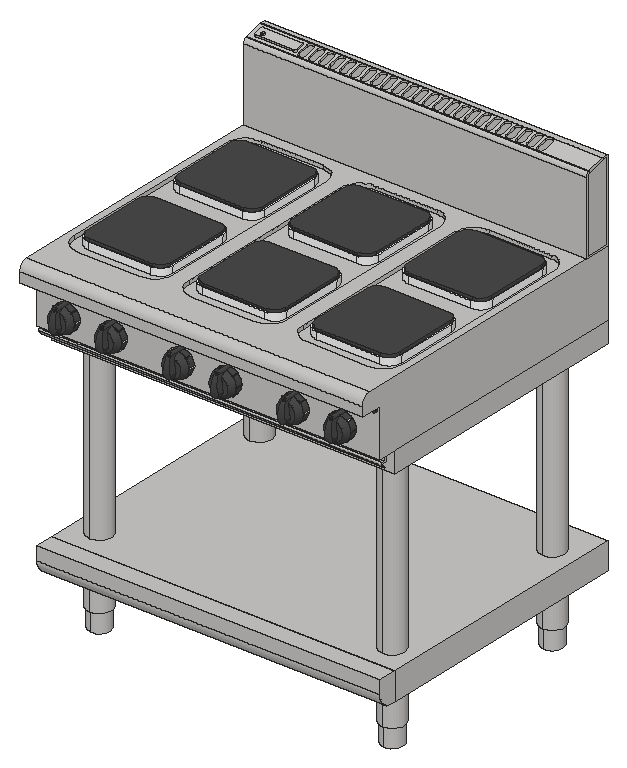
Revit family "QF_Moffat_RN8600SE-LS_Electric_Cooktops_Sealed_Hobs_cat", category Specialty Equipment, Revit 2019
Family settings
  Round Connector Dimension = Use Diameter
  Part Type = Normal
  Work Plane-Based = No
  Always vertical = Yes
  Cut with Voids When Loaded = No
  Shared = No
  Room Calculation Point = No
Parameters (values of type "QF_Moffat_RN8600SE-LS")
  Weight in Kilograms = 90
  Watts = 396 W
  Volts = 220 V
  URL Cutsheet = ""
  Specification by User = ""
  Specification by Manufacturer = ""
  Show Low Back [instance] = no
  Show Logo [instance] = yes
  Show High Back [instance] = not(Show Low Back)  # yes
  Serial Number = ""
  Seismic Rating = ""
  SMACNA No = ""
  Revision Code = ""
  Phase = 1
  Number of Poles = 1
  NAFEM Spec ID Number = ""
  Model = "RN8600SE-LS"
  Min Ckt Ampacity = 0 A
  Max Overcurrent Protection = 0 A
  Masterspec = ""
  Manufacturer = "Moffat"
  Length = 900 mm
  Item Number = ""
  Installed By = ""
  Identify Quantity as Lot = yes
  Height = 1130 mm
  HP = ""
  Furnished By = ""
  Foodservice Equipment Identifier = yes
  FL Amps = 1.8 A
  Electrical Remarks = ""
  Electric Connection Type = ""
  Elec Conn RI Height = 0 mm
  Elec Conn Connection Height = 0 mm
  Description = "Electric Cooktops Sealed Hobs"
  Depth = 805 mm
  Cycle = 50 Hz
  Conn Plug = ""
  Conn Conduit = yes
  CSI MasterFormat = ""
  Apparent Power = if(Phase = 3, Volts * FL Amps * 1.73, Volts * FL Amps)  # 396 VA
Reference planes
  plane 1 "BACK": y = 0
  plane 2: z = 0
  plane 3 "LEFT": x = 0
  plane 4 "RIGHT": x = 900
  plane 5 "FRONT": y = -805
  plane 6 "TOP": z = 1130
  plane 7 "Center Y": x = 450
  plane 8 "Center X": y = -402.5
Dimensions and locks
  equal spacing: plane 3 "LEFT", plane 7 "Center Y", plane 4 "RIGHT"
  "Length": plane 3 "LEFT" to plane 4 "RIGHT"
  equal spacing: plane 5 "FRONT", plane 8 "Center X", plane 1 "BACK"
  "Depth": plane 5 "FRONT" to plane 1 "BACK"
  "Height": plane 6 "TOP" to level
  aligned and locked: level to plane 2
Nested families
  nested 1: "RN8600SE-LS" at (0, 0, 0), type "E516S-LS"
  nested 2: "High and Low Option" at (0, 0, 0), High Back <- "Show High Back", Low Back <- "Show Low Back", Show Logo <- "Show Logo", type "RNLB8610SE"
    with Show Logo 2 yes, Show Logo 1 no, Show Logo yes, Low Back no, High Back yes
Connectors
  electrical at (770, -30, 675)
    settings: on nested 1, index 1, voltage 0 V, apparent load 0 VA, apparent load phase1 0 VA, apparent load phase2 0 VA, apparent load phase3 0 VA, power factor 1, load classification "Other", number of poles 1, system type 30, power factor state 1, is connector primary yes, connector utility no, sub classification motor no, connector description ""
Definition of nested family "RN8600SE-LS"
  Parameters (values of type "E516S-LS")
    Weight in Kilograms = 135
    Watts = Volts * FL Amps  # 8800 W
    Volts = 400 V
    URL Cutsheet = ""
    Specification by User = ""
    Specification by Manufacturer = ""
    Serial Number = ""
    Seismic Rating = ""
    SMACNA No = ""
    Revision Code = ""
    Phase = 3
    Number of Poles = 1
    NAFEM Spec ID Number = ""
    Model = "RN8600SE-LS"
    Min Ckt Ampacity = 0 A
    Max Overcurrent Protection = 0 A
    Masterspec = ""
    Manufacturer = "Moffat"
    Length = 900 mm
    Item Number = ""
    Installed By = ""
    Identify Quantity as Lot = yes
    Height = 915 mm
    HP = ""
    Furnished By = ""
    Foodservice Equipment Identifier = yes
    FL Amps = 22 A
    Electrical Remarks = ""
    Electric Connection Type = ""
    Elec Conn RI Height = 0 mm
    Elec Conn Connection Height = 0 mm
    Description = "Electric Cooktops Sealed Hobs"
    Depth = 805 mm
    Cycle = 50 Hz
    Conn Plug = ""
    Conn Conduit = yes
    CSI MasterFormat = ""
    Apparent Power = if(Phase = 3, Volts * FL Amps * 1.73, Volts * FL Amps)  # 15224 VA
  Reference planes
    plane 1 "BACK": y = 0
    plane 2: z = 0
    plane 3 "LEFT": x = 0
    plane 4 "RIGHT": x = 900
    plane 5 "FRONT": y = -805
    plane 6 "TOP": z = 915
    plane 7 "Center Y": x = 450
    plane 8 "Center X": y = -402.5
    plane 9: x = 65.5
    plane 10: x = 87.5
    plane 11: x = 211.766
    plane 12: y = -30
    plane 13: x = 770
    plane 14: x = 512.5
    plane 15: x = 388.234
    plane 16: x = 834.5
    plane 17: y = -100
    plane 18: y = -625
    plane 19: x = 812.5
    plane 20: x = 688.234
  Forms (mm)
    Extrusion 1, solid
      sketch origin (0, 0, 600) x (0, 1, 0) y (0, 0, 1)
        loop
          line (0, 140) -> (0, 315) -> (-781, 315)
          arc (-781, 315) -> (-797.971, 307.971) -> (-805, 291) r 24
          line (-805, 291) -> (-805, 266) -> (-749, 266) -> (-749, 140) -> (0, 140)
      from 0 to 900
    Extrusion 2, void
      sketch origin (0, -773.8, 915) x (0, 1, 0) y (-1, 0, 0)
        loop
          arc (673.6, -69) -> (658.955, -33.645) -> (623.6, -19) r 50
          line (623.6, -19) -> (123.399, -19)
          arc (123.399, -19) -> (88.044, -33.645) -> (73.399, -69) r 50
          line (73.399, -69) -> (73.399, -231)
          arc (73.399, -231) -> (88.044, -266.355) -> (123.399, -281) r 50
          line (123.399, -281) -> (623.6, -281)
          arc (623.6, -281) -> (658.955, -266.355) -> (673.6, -231) r 50
          line (673.6, -231) -> (673.6, -69)
        loop
          line (673.6, -831) -> (673.6, -669)
          arc (673.6, -669) -> (658.955, -633.645) -> (623.6, -619) r 50
          line (623.6, -619) -> (123.399, -619)
          arc (123.399, -619) -> (88.044, -633.645) -> (73.399, -669) r 50
          line (73.399, -669) -> (73.399, -831)
          arc (73.399, -831) -> (88.044, -866.355) -> (123.399, -881) r 50
          line (123.399, -881) -> (623.6, -881)
          arc (623.6, -881) -> (658.955, -866.355) -> (673.6, -831) r 50
        loop
          line (73.399, -369) -> (73.399, -531)
          arc (73.399, -531) -> (88.044, -566.355) -> (123.399, -581) r 50
          line (123.399, -581) -> (623.6, -581)
          arc (623.6, -581) -> (658.955, -566.355) -> (673.6, -531) r 50
          line (673.6, -531) -> (673.6, -369)
          arc (673.6, -369) -> (658.955, -333.645) -> (623.6, -319) r 50
          line (623.6, -319) -> (123.399, -319)
          arc (123.399, -319) -> (88.044, -333.645) -> (73.399, -369) r 50
      from 0 to -9.5
    Extrusion 3, solid
      sketch origin (0, -773.8, 905.5) x (0, 1, 0) y (-1, 0, 0)
        loop
          arc (637.6, -68) -> (628.227, -45.373) -> (605.6, -36) r 32
          line (605.6, -36) -> (441.399, -36)
          arc (441.399, -36) -> (418.772, -45.373) -> (409.399, -68) r 32
          line (409.399, -68) -> (409.399, -232)
          arc (409.399, -232) -> (418.772, -254.627) -> (441.399, -264) r 32
          line (441.399, -264) -> (605.6, -264)
          arc (605.6, -264) -> (628.227, -254.627) -> (637.6, -232) r 32
          line (637.6, -232) -> (637.6, -68)
        loop
          arc (337.399, -68) -> (328.027, -45.373) -> (305.399, -36) r 32
          line (305.399, -36) -> (141.399, -36)
          arc (141.399, -36) -> (118.772, -45.373) -> (109.399, -68) r 32
          line (109.399, -68) -> (109.399, -232)
          arc (109.399, -232) -> (118.772, -254.627) -> (141.399, -264) r 32
          line (141.399, -264) -> (305.399, -264)
          arc (305.399, -264) -> (328.027, -254.627) -> (337.399, -232) r 32
          line (337.399, -232) -> (337.399, -68)
        loop
          arc (637.6, -368) -> (628.227, -345.373) -> (605.6, -336) r 32
          line (605.6, -336) -> (441.399, -336)
          arc (441.399, -336) -> (418.772, -345.373) -> (409.399, -368) r 32
          line (409.399, -368) -> (409.399, -532)
          arc (409.399, -532) -> (418.772, -554.627) -> (441.399, -564) r 32
          line (441.399, -564) -> (605.6, -564)
          arc (605.6, -564) -> (628.227, -554.627) -> (637.6, -532) r 32
          line (637.6, -532) -> (637.6, -368)
        loop
          arc (409.399, -832) -> (418.772, -854.627) -> (441.399, -864) r 32
          line (441.399, -864) -> (605.6, -864)
          arc (605.6, -864) -> (628.227, -854.627) -> (637.6, -832) r 32
          line (637.6, -832) -> (637.6, -668)
          arc (637.6, -668) -> (628.227, -645.373) -> (605.6, -636) r 32
          line (605.6, -636) -> (441.399, -636)
          arc (441.399, -636) -> (418.772, -645.373) -> (409.399, -668) r 32
          line (409.399, -668) -> (409.399, -832)
        loop
          arc (337.399, -368) -> (328.027, -345.373) -> (305.399, -336) r 32
          line (305.399, -336) -> (141.399, -336)
          arc (141.399, -336) -> (118.772, -345.373) -> (109.399, -368) r 32
          line (109.399, -368) -> (109.399, -532)
          arc (109.399, -532) -> (118.772, -554.627) -> (141.399, -564) r 32
          line (141.399, -564) -> (305.399, -564)
          arc (305.399, -564) -> (328.027, -554.627) -> (337.399, -532) r 32
          line (337.399, -532) -> (337.399, -368)
        loop
          arc (109.399, -832) -> (118.772, -854.627) -> (141.399, -864) r 32
          line (141.399, -864) -> (305.399, -864)
          arc (305.399, -864) -> (328.027, -854.627) -> (337.399, -832) r 32
          line (337.399, -832) -> (337.399, -668)
          arc (337.399, -668) -> (328.027, -645.373) -> (305.399, -636) r 32
          line (305.399, -636) -> (141.399, -636)
          arc (141.399, -636) -> (118.772, -645.373) -> (109.399, -668) r 32
          line (109.399, -668) -> (109.399, -832)
      from 0 to 17.8
    Extrusion 4, solid
      sketch origin (0, -773.8, 923.3) x (0, 1, 0) y (-1, 0, 0)
        loop
          arc (633.6, -67) -> (625.692, -47.908) -> (606.6, -40) r 27
          line (606.6, -40) -> (440.399, -40)
          arc (440.399, -40) -> (421.308, -47.908) -> (413.399, -67) r 27
          line (413.399, -67) -> (413.399, -233)
          arc (413.399, -233) -> (421.308, -252.092) -> (440.399, -260) r 27
          line (440.399, -260) -> (606.6, -260)
          arc (606.6, -260) -> (625.692, -252.092) -> (633.6, -233) r 27
          line (633.6, -233) -> (633.6, -67)
        loop
          arc (333.399, -67) -> (325.491, -47.908) -> (306.399, -40) r 27
          line (306.399, -40) -> (140.399, -40)
          arc (140.399, -40) -> (121.308, -47.908) -> (113.399, -67) r 27
          line (113.399, -67) -> (113.399, -233)
          arc (113.399, -233) -> (121.308, -252.092) -> (140.399, -260) r 27
          line (140.399, -260) -> (306.399, -260)
          arc (306.399, -260) -> (325.491, -252.092) -> (333.399, -233) r 27
          line (333.399, -233) -> (333.399, -67)
        loop
          line (633.6, -833) -> (633.6, -667)
          arc (633.6, -667) -> (625.692, -647.908) -> (606.6, -640) r 27
          line (606.6, -640) -> (440.399, -640)
          arc (440.399, -640) -> (421.308, -647.908) -> (413.399, -667) r 27
          line (413.399, -667) -> (413.399, -833)
          arc (413.399, -833) -> (421.308, -852.092) -> (440.399, -860) r 27
          line (440.399, -860) -> (606.6, -860)
          arc (606.6, -860) -> (625.692, -852.092) -> (633.6, -833) r 27
        loop
          line (413.399, -367) -> (413.399, -533)
          arc (413.399, -533) -> (421.308, -552.092) -> (440.399, -560) r 27
          line (440.399, -560) -> (606.6, -560)
          arc (606.6, -560) -> (625.692, -552.092) -> (633.6, -533) r 27
          line (633.6, -533) -> (633.6, -367)
          arc (633.6, -367) -> (625.692, -347.908) -> (606.6, -340) r 27
          line (606.6, -340) -> (440.399, -340)
          arc (440.399, -340) -> (421.308, -347.908) -> (413.399, -367) r 27
        loop
          line (333.399, -833) -> (333.399, -667)
          arc (333.399, -667) -> (325.491, -647.908) -> (306.399, -640) r 27
          line (306.399, -640) -> (140.399, -640)
          arc (140.399, -640) -> (121.308, -647.908) -> (113.399, -667) r 27
          line (113.399, -667) -> (113.399, -833)
          arc (113.399, -833) -> (121.308, -852.092) -> (140.399, -860) r 27
          line (140.399, -860) -> (306.399, -860)
          arc (306.399, -860) -> (325.491, -852.092) -> (333.399, -833) r 27
        loop
          line (113.399, -367) -> (113.399, -533)
          arc (113.399, -533) -> (121.308, -552.092) -> (140.399, -560) r 27
          line (140.399, -560) -> (306.399, -560)
          arc (306.399, -560) -> (325.491, -552.092) -> (333.399, -533) r 27
          line (333.399, -533) -> (333.399, -367)
          arc (333.399, -367) -> (325.491, -347.908) -> (306.399, -340) r 27
          line (306.399, -340) -> (140.399, -340)
          arc (140.399, -340) -> (121.308, -347.908) -> (113.399, -367) r 27
      from 0 to 6.1
    Extrusion 5, solid
      sketch origin (0, 0, 600) x (0, 1, 0) y (0, 0, 1)
        loop
          line (-699, 85) -> (0, 85) -> (0, 140) -> (-699, 140) -> (-699, 85)
      from 0 to 900
    Extrusion 6, solid
      sketch origin (0, 0, 600) x (0, 1, 0) y (0, 0, 1)
        loop
          line (-730.6, 140) -> (-730.6, 130) -> (-740.105, 130)
          arc (-740.105, 130) -> (-743.076, 128.015) -> (-742.379, 124.511) r 3.215
          line (-742.379, 124.511) -> (-731.85, 113.982) -> (-730.719, 115.113) -> (-741.247, 125.642)
          arc (-741.247, 125.642) -> (-741.597, 127.403) -> (-740.105, 128.4) r 1.615
          line (-740.105, 128.4) -> (-729, 128.4) -> (-729, 140) -> (-730.6, 140)
      from 0 to 900
    Extrusion 7, solid
      sketch origin (450, 175.397, 1819.2) x (0, 1, 0) y (0, 0, 1)
        loop
          line (-874.397, -1109.2) -> (-889.234, -1109.2)
          arc (-889.234, -1109.2) -> (-890.834, -1110.8) -> (-889.234, -1112.4) r 1.6
          line (-889.234, -1112.4) -> (-874.397, -1112.4) -> (-874.397, -1109.2)
      from -400 to 400
    Extrusion 8, solid
      sketch origin (0, -749, 711.25) x (0, 0, 1) y (-1, 0, 0)
        loop
          circle (129.8, -732.5) r 7.15
        loop
          circle (129.8, -857.5) r 7.15
        loop
          circle (129.8, -431.766) r 7.15
        loop
          circle (129.8, -556.766) r 7.15
        loop
          circle (129.8, -131.031) r 7.15
        loop
          circle (129.8, -256.031) r 7.15
      from 0 to 1.6
    Extrusion 9, solid
      sketch origin (0, -749, 711.25) x (0, 0, 1) y (-1, 0, 0)
        loop
          circle (142.343, -13.157) r 5
        loop
          circle (142.343, -886.843) r 5
      from 0 to 1.6
    Extrusion 10, solid
      sketch origin (-6096, 287.266, 675) x (0, 1, 0) y (-1, 0, 0)
        loop
          circle (-317.266, -6866) r 6.35
      from 10 to 0
    Extrusion 11, solid
      sketch origin (0, 0, 0) x (0, 1, 0) y (0, 0, 1)
        loop
          line (-749, 222.5) -> (-749, 188)
          arc (-749, 188) -> (-737.87, 161.13) -> (-711, 150) r 38
          line (-711, 150) -> (-699, 150) -> (-699, 222.5) -> (-749, 222.5)
      from 0 to 900
    Revolve 12, solid
      sketch origin (65.5, -4572, -304.8) x (0, 0, -1) y (0, -1, 0)
        loop
          line (-304.8, -3947) -> (-989.8, -3947) -> (-989.8, -3978.75) -> (-354.8, -3978.75) -> (-354.8, -3974.5) -> (-304.8, -3974.5) -> (-304.8, -3947)
        axis (-989.8, -3947) -> (-304.8, -3947)
      angle from 0 to 360
    Revolve 13, solid
      sketch origin (834.5, -4572, -304.8) x (0, 0, -1) y (0, 1, 0)
        loop
          line (-304.8, 3947) -> (-304.8, 3974.5) -> (-354.8, 3974.5) -> (-354.8, 3978.75) -> (-989.8, 3978.75) -> (-989.8, 3947) -> (-304.8, 3947)
        axis (-989.8, 3947) -> (-304.8, 3947)
      angle from 0 to 360
    Extrusion 14, solid
      sketch origin (0, 0, 0) x (0, 1, 0) y (0, 0, 1)
        loop
          line (-699, 222.5) -> (-699, 150) -> (0, 150) -> (0, 222.5) -> (-699, 222.5)
      from 0 to 900
    Revolve 15, solid
      sketch origin (834.5, 3847, -304.8) x (0, 0, -1) y (0, 1, 0)
        loop
          line (-304.8, -3947) -> (-989.8, -3947) -> (-989.8, -3978.75) -> (-354.8, -3978.75) -> (-354.8, -3974.5) -> (-304.8, -3974.5) -> (-304.8, -3947)
        axis (-989.8, -3947) -> (-304.8, -3947)
      angle from 0 to 360
    Revolve 16, solid
      sketch origin (65.5, 3847, -304.8) x (0, 0, -1) y (0, -1, 0)
        loop
          line (-304.8, 3947) -> (-304.8, 3974.5) -> (-354.8, 3974.5) -> (-354.8, 3978.75) -> (-989.8, 3978.75) -> (-989.8, 3947) -> (-304.8, 3947)
        axis (-989.8, 3947) -> (-304.8, 3947)
      angle from 0 to 360
  Cuts and joins
    Extrusion 2 cuts Extrusion 1
    joined: Extrusion 5, Extrusion 11
    joined: Revolve 12, Revolve 13, Extrusion 14, Revolve 15, Revolve 16
  Lines and regions (mm)
    symbolic lines
      curve 1: line (0, 0, 0) -> (900, 0, 0)
      curve 2: line (0, -805, 0) -> (0, 0, 0)
      curve 3: line (900, -805, 0) -> (0, -805, 0)
      curve 4: line (900, 0, 0) -> (900, -805, 0)
      curve 5: arc (19, -150.2, 0) -> (33.645, -114.845, 0) -> (69, -100.2, 0) r 50
      curve 6: line (69, -100.2, 0) -> (231, -100.2, 0)
      curve 7: arc (231, -100.2, 0) -> (266.355, -114.845, 0) -> (281, -150.2, 0) r 50
      curve 8: line (281, -150.2, 0) -> (281, -650.401, 0)
      curve 9: arc (281, -650.401, 0) -> (266.355, -685.756, 0) -> (231, -700.401, 0) r 50
      curve 10: line (231, -700.401, 0) -> (69, -700.401, 0)
      curve 11: arc (69, -700.401, 0) -> (33.645, -685.756, 0) -> (19, -650.401, 0) r 50
      curve 12: line (19, -650.401, 0) -> (19, -150.2, 0)
      curve 13: line (232, -136.2, 0) -> (68, -136.2, 0)
      curve 14: arc (68, -136.2, 0) -> (45.373, -145.573, 0) -> (36, -168.2, 0) r 32
      curve 15: line (36, -168.2, 0) -> (36, -332.401, 0)
      curve 16: arc (36, -332.401, 0) -> (45.373, -355.028, 0) -> (68, -364.401, 0) r 32
      curve 17: line (68, -364.401, 0) -> (232, -364.401, 0)
      curve 18: arc (232, -364.401, 0) -> (254.627, -355.028, 0) -> (264, -332.401, 0) r 32
      curve 19: line (264, -332.401, 0) -> (264, -168.2, 0)
      curve 20: arc (264, -168.2, 0) -> (254.627, -145.573, 0) -> (232, -136.2, 0) r 32
      curve 21: line (233, -140.2, 0) -> (67, -140.2, 0)
      curve 22: arc (67, -140.2, 0) -> (47.908, -148.108, 0) -> (40, -167.2, 0) r 27
      curve 23: line (40, -167.2, 0) -> (40, -333.401, 0)
      curve 24: arc (40, -333.401, 0) -> (47.908, -352.492, 0) -> (67, -360.401, 0) r 27
      curve 25: line (67, -360.401, 0) -> (233, -360.401, 0)
      curve 26: arc (233, -360.401, 0) -> (252.092, -352.492, 0) -> (260, -333.401, 0) r 27
      curve 27: line (260, -333.401, 0) -> (260, -167.2, 0)
      curve 28: arc (260, -167.2, 0) -> (252.092, -148.108, 0) -> (233, -140.2, 0) r 27
      curve 29: line (232, -436.401, 0) -> (68, -436.401, 0)
      curve 30: arc (68, -436.401, 0) -> (45.373, -445.773, 0) -> (36, -468.401, 0) r 32
      curve 31: line (36, -468.401, 0) -> (36, -632.401, 0)
      curve 32: arc (36, -632.401, 0) -> (45.373, -655.028, 0) -> (68, -664.401, 0) r 32
      curve 33: line (68, -664.401, 0) -> (232, -664.401, 0)
      curve 34: arc (232, -664.401, 0) -> (254.627, -655.028, 0) -> (264, -632.401, 0) r 32
      curve 35: line (264, -632.401, 0) -> (264, -468.401, 0)
      curve 36: arc (264, -468.401, 0) -> (254.627, -445.773, 0) -> (232, -436.401, 0) r 32
      curve 37: line (233, -440.401, 0) -> (67, -440.401, 0)
      curve 38: arc (67, -440.401, 0) -> (47.908, -448.309, 0) -> (40, -467.401, 0) r 27
      curve 39: line (40, -467.401, 0) -> (40, -633.401, 0)
      curve 40: arc (40, -633.401, 0) -> (47.908, -652.492, 0) -> (67, -660.401, 0) r 27
      curve 41: line (67, -660.401, 0) -> (233, -660.401, 0)
      curve 42: arc (233, -660.401, 0) -> (252.092, -652.492, 0) -> (260, -633.401, 0) r 27
      curve 43: line (260, -633.401, 0) -> (260, -467.401, 0)
      curve 44: arc (260, -467.401, 0) -> (252.092, -448.309, 0) -> (233, -440.401, 0) r 27
      curve 45: arc (367, -440.401, 0) -> (347.908, -448.309, 0) -> (340, -467.401, 0) r 27
      curve 46: line (340, -467.401, 0) -> (340, -633.401, 0)
      curve 47: arc (340, -633.401, 0) -> (347.908, -652.492, 0) -> (367, -660.401, 0) r 27
      curve 48: line (367, -660.401, 0) -> (533, -660.401, 0)
      curve 49: arc (533, -660.401, 0) -> (552.092, -652.492, 0) -> (560, -633.401, 0) r 27
      curve 50: line (560, -633.401, 0) -> (560, -467.401, 0)
      curve 51: arc (560, -467.401, 0) -> (552.092, -448.309, 0) -> (533, -440.401, 0) r 27
      curve 52: line (533, -440.401, 0) -> (367, -440.401, 0)
      curve 53: arc (368, -436.401, 0) -> (345.373, -445.773, 0) -> (336, -468.401, 0) r 32
      curve 54: line (336, -468.401, 0) -> (336, -632.401, 0)
      curve 55: arc (336, -632.401, 0) -> (345.373, -655.028, 0) -> (368, -664.401, 0) r 32
      curve 56: line (368, -664.401, 0) -> (532, -664.401, 0)
      curve 57: arc (532, -664.401, 0) -> (554.627, -655.028, 0) -> (564, -632.401, 0) r 32
      curve 58: line (564, -632.401, 0) -> (564, -468.401, 0)
      curve 59: arc (564, -468.401, 0) -> (554.627, -445.773, 0) -> (532, -436.401, 0) r 32
      curve 60: line (532, -436.401, 0) -> (368, -436.401, 0)
      curve 61: line (319, -650.401, 0) -> (319, -150.2, 0)
      curve 62: arc (319, -150.2, 0) -> (333.645, -114.845, 0) -> (369, -100.2, 0) r 50
      curve 63: line (369, -100.2, 0) -> (531, -100.2, 0)
      curve 64: arc (531, -100.2, 0) -> (566.355, -114.845, 0) -> (581, -150.2, 0) r 50
      curve 65: line (581, -150.2, 0) -> (581, -650.401, 0)
      curve 66: arc (581, -650.401, 0) -> (566.355, -685.756, 0) -> (531, -700.401, 0) r 50
      curve 67: line (531, -700.401, 0) -> (369, -700.401, 0)
      curve 68: arc (369, -700.401, 0) -> (333.645, -685.756, 0) -> (319, -650.401, 0) r 50
      curve 69: arc (368, -136.2, 0) -> (345.373, -145.573, 0) -> (336, -168.2, 0) r 32
      curve 70: line (336, -168.2, 0) -> (336, -332.401, 0)
      curve 71: arc (336, -332.401, 0) -> (345.373, -355.028, 0) -> (368, -364.401, 0) r 32
      curve 72: line (368, -364.401, 0) -> (532, -364.401, 0)
      curve 73: arc (532, -364.401, 0) -> (554.627, -355.028, 0) -> (564, -332.401, 0) r 32
      curve 74: line (564, -332.401, 0) -> (564, -168.2, 0)
      curve 75: arc (564, -168.2, 0) -> (554.627, -145.573, 0) -> (532, -136.2, 0) r 32
      curve 76: line (532, -136.2, 0) -> (368, -136.2, 0)
      curve 77: arc (367, -140.2, 0) -> (347.908, -148.108, 0) -> (340, -167.2, 0) r 27
      curve 78: line (340, -167.2, 0) -> (340, -333.401, 0)
      curve 79: arc (340, -333.401, 0) -> (347.908, -352.492, 0) -> (367, -360.401, 0) r 27
      curve 80: line (367, -360.401, 0) -> (533, -360.401, 0)
      curve 81: arc (533, -360.401, 0) -> (552.092, -352.492, 0) -> (560, -333.401, 0) r 27
      curve 82: line (560, -333.401, 0) -> (560, -167.2, 0)
      curve 83: arc (560, -167.2, 0) -> (552.092, -148.108, 0) -> (533, -140.2, 0) r 27
      curve 84: line (533, -140.2, 0) -> (367, -140.2, 0)
      curve 85: line (619, -650.401, 0) -> (619, -150.2, 0)
      curve 86: arc (619, -150.2, 0) -> (633.645, -114.845, 0) -> (669, -100.2, 0) r 50
      curve 87: line (669, -100.2, 0) -> (831, -100.2, 0)
      curve 88: arc (831, -100.2, 0) -> (866.355, -114.845, 0) -> (881, -150.2, 0) r 50
      curve 89: line (881, -150.2, 0) -> (881, -650.401, 0)
      curve 90: line (831, -700.401, 0) -> (669, -700.401, 0)
      curve 91: arc (669, -700.401, 0) -> (633.645, -685.756, 0) -> (619, -650.401, 0) r 50
      curve 92: arc (636, -632.401, 0) -> (645.373, -655.028, 0) -> (668, -664.401, 0) r 32
      curve 93: line (668, -664.401, 0) -> (832, -664.401, 0)
      curve 94: arc (832, -664.401, 0) -> (854.627, -655.028, 0) -> (864, -632.401, 0) r 32
      curve 95: line (864, -632.401, 0) -> (864, -468.401, 0)
      curve 96: arc (864, -468.401, 0) -> (854.627, -445.773, 0) -> (832, -436.401, 0) r 32
      curve 97: line (832, -436.401, 0) -> (668, -436.401, 0)
      curve 98: arc (668, -436.401, 0) -> (645.373, -445.773, 0) -> (636, -468.401, 0) r 32
      curve 99: line (636, -468.401, 0) -> (636, -632.401, 0)
      curve 100: arc (640, -633.401, 0) -> (647.908, -652.492, 0) -> (667, -660.401, 0) r 27
      curve 101: line (667, -660.401, 0) -> (833, -660.401, 0)
      curve 102: arc (833, -660.401, 0) -> (852.092, -652.492, 0) -> (860, -633.401, 0) r 27
      curve 103: line (860, -633.401, 0) -> (860, -467.401, 0)
      curve 104: arc (860, -467.401, 0) -> (852.092, -448.309, 0) -> (833, -440.401, 0) r 27
      curve 105: line (833, -440.401, 0) -> (667, -440.401, 0)
      curve 106: arc (667, -440.401, 0) -> (647.908, -448.309, 0) -> (640, -467.401, 0) r 27
      curve 107: line (640, -467.401, 0) -> (640, -633.401, 0)
      curve 108: line (832, -136.2, 0) -> (668, -136.2, 0)
      curve 109: arc (668, -136.2, 0) -> (645.373, -145.573, 0) -> (636, -168.2, 0) r 32
      curve 110: line (636, -168.2, 0) -> (636, -332.401, 0)
      curve 111: arc (636, -332.401, 0) -> (645.373, -355.028, 0) -> (668, -364.401, 0) r 32
      curve 112: line (668, -364.401, 0) -> (832, -364.401, 0)
      curve 113: arc (832, -364.401, 0) -> (854.627, -355.028, 0) -> (864, -332.401, 0) r 32
      curve 114: line (864, -332.401, 0) -> (864, -168.2, 0)
      curve 115: arc (864, -168.2, 0) -> (854.627, -145.573, 0) -> (832, -136.2, 0) r 32
      curve 116: line (833, -140.2, 0) -> (667, -140.2, 0)
      curve 117: arc (667, -140.2, 0) -> (647.908, -148.108, 0) -> (640, -167.2, 0) r 27
      curve 118: line (640, -167.2, 0) -> (640, -333.401, 0)
      curve 119: arc (640, -333.401, 0) -> (647.908, -352.492, 0) -> (667, -360.401, 0) r 27
      curve 120: line (667, -360.401, 0) -> (833, -360.401, 0)
      curve 121: arc (833, -360.401, 0) -> (852.092, -352.492, 0) -> (860, -333.401, 0) r 27
      curve 122: line (860, -333.401, 0) -> (860, -167.2, 0)
      curve 123: arc (860, -167.2, 0) -> (852.092, -148.108, 0) -> (833, -140.2, 0) r 27
      curve 124: arc (831, -700.401, 0) -> (866.355, -685.756, 0) -> (881, -650.401, 0) r 50
  Dimensions and locks
    equal spacing: plane 3 "LEFT", plane 7 "Center Y", plane 4 "RIGHT"
    "Length": plane 3 "LEFT" to plane 4 "RIGHT"
    equal spacing: plane 5 "FRONT", plane 8 "Center X", plane 1 "BACK"
    "Depth": plane 5 "FRONT" to plane 1 "BACK"
    plane 4 "RIGHT" to plane 3 "LEFT" = 900 mm
    plane 1 "BACK" to plane 5 "FRONT" = 805 mm
    plane 6 "TOP" to plane 2 = 915 mm
    cut or joined group of Extrusion 1, Extrusion 2 to plane 2 = 915 mm
    locked: plane 13 to plane 4 "RIGHT" at 130
    plane 9 to plane 16 = 769 mm
    plane 1 "BACK" to plane 17 = 100 mm
    plane 17 to plane 18 = 525 mm
    plane 1 "BACK" to plane 12 = 30 mm
    plane 5 "FRONT" to plane 1 "BACK" = 805 mm
    "Height": plane 6 "TOP" to level
    aligned and locked: level to plane 2
  Automatic sketch dimensions
    Extrusion 1 sketch curve to plane 5 "FRONT" = 0 mm
    Extrusion 1 sketch curve to plane 5 "FRONT" = 24 mm
    Extrusion 1 sketch curve to Extrusion 1 sketch curve = 32 mm
    Extrusion 1 sketch curve to Extrusion 1 sketch curve = 25 mm
    Extrusion 2 sketch curve to Extrusion 1 = 80.599 mm  (x3)
    Extrusion 2 sketch curve to Extrusion 2 sketch curve = 50 mm  (x7)
    Extrusion 2 sketch curve to Extrusion 2 sketch curve = 0 mm  (x4)
    Extrusion 1 to Extrusion 2 sketch curve = 19 mm  (x2)
    Extrusion 2 sketch curve to Extrusion 2 sketch curve = 162 mm  (x2)
    Extrusion 2 sketch curve to Extrusion 2 sketch curve = 38 mm  (x2)
    Extrusion 3 sketch curve to Extrusion 2 = 36 mm  (x3)
    Extrusion 3 sketch curve to Extrusion 3 sketch curve = 32 mm  (x17)
    Extrusion 3 sketch curve to Extrusion 2 = 17 mm  (x9)
    Extrusion 3 sketch curve to Extrusion 2 = 49 mm  (x5)
    Extrusion 3 sketch curve to Extrusion 3 sketch curve = 164 mm  (x3)
    Extrusion 3 sketch curve to Extrusion 3 sketch curve = 0 mm  (x2)
    Extrusion 3 sketch curve to Extrusion 3 sketch curve = 72 mm  (x3)
    Extrusion 3 sketch curve to Extrusion 2 = 68 mm  (x6)
    Extrusion 4 sketch curve to Extrusion 3 = 4 mm  (x22)
    Extrusion 4 sketch curve to Extrusion 3 = 31 mm  (x22)
    Extrusion 4 sketch curve to Extrusion 4 sketch curve = 27 mm  (x4)
    Extrusion 5 sketch curve to plane 1 "BACK" = 0 mm
    plane 18 to Extrusion 5 sketch curve = 74 mm
    Extrusion 5 sketch curve to Extrusion 5 sketch curve = 55 mm
    Extrusion 6 sketch curve to Extrusion 6 sketch curve = 0 mm  (x3)
    Extrusion 6 sketch curve to plane 5 "FRONT" = 62.621 mm
    Extrusion 6 sketch curve to Extrusion 6 sketch curve = 1.131 mm  (x3)
    Extrusion 6 sketch curve to Extrusion 6 sketch curve = 1.142 mm  (x2)
    Extrusion 6 sketch curve to Extrusion 6 sketch curve = 10.529 mm
    Extrusion 6 sketch curve to Extrusion 6 sketch curve = 9.505 mm
    Extrusion 6 sketch curve to Extrusion 6 sketch curve = 1.6 mm
    Extrusion 6 sketch curve to Extrusion 6 sketch curve = 10 mm
    plane 18 to Extrusion 7 sketch curve = 88.837 mm
    Extrusion 7 sketch curve to Extrusion 7 sketch curve = 14.837 mm
    Extrusion 7 sketch curve to Extrusion 7 sketch curve = 1.6 mm
    Extrusion 8 sketch curve to Extrusion 1 = 24.95 mm  (x6)
    Extrusion 1 to Extrusion 8 sketch curve = 42.5 mm
    Extrusion 8 sketch curve to Extrusion 8 sketch curve = 125 mm  (x3)
    Extrusion 8 sketch curve to Extrusion 8 sketch curve = 175.734 mm  (x2)
    Extrusion 9 sketch curve to Extrusion 1 = 12.407 mm  (x2)
    Extrusion 1 to Extrusion 9 sketch curve = 13.157 mm  (x2)
    plane 12 to Extrusion 10 sketch curve = 0 mm
    Extrusion 10 sketch curve to plane 13 = 0 mm
    Extrusion 11 sketch curve to plane 5 "FRONT" = 56 mm
    Extrusion 11 sketch curve to Extrusion 11 sketch curve = 12 mm
    Extrusion 11 sketch curve to Extrusion 11 sketch curve = 34.5 mm
    Revolve 12 sketch curve to plane 18 = 0 mm  (x2)
    Revolve 12 sketch curve to level = 0 mm  (x2)
    Revolve 12 sketch curve to Revolve 12 sketch curve = 50 mm
    Revolve 12 sketch curve to plane 18 = 27.5 mm
    Revolve 12 sketch curve to Revolve 12 sketch curve = 31.75 mm
    Revolve 12 sketch curve to Revolve 12 sketch curve = 35 mm
    Revolve 13 sketch curve to plane 18 = 0 mm  (x2)
    Revolve 13 sketch curve to level = 0 mm  (x2)
    level to Revolve 13 sketch curve = 50 mm
    Revolve 13 sketch curve to Revolve 13 sketch curve = 27.5 mm
    Revolve 13 sketch curve to Revolve 13 sketch curve = 31.75 mm
    Revolve 13 sketch curve to Revolve 13 sketch curve = 35 mm
    Extrusion 14 sketch curve to plane 1 "BACK" = 0 mm
    plane 18 to Extrusion 14 sketch curve = 74 mm
    Extrusion 14 sketch curve to Extrusion 14 sketch curve = 72.5 mm
    Revolve 15 sketch curve to plane 17 = 0 mm  (x2)
    Revolve 15 sketch curve to level = 0 mm  (x2)
    Revolve 15 sketch curve to Revolve 15 sketch curve = 50 mm
    plane 17 to Revolve 15 sketch curve = 27.5 mm
    Revolve 15 sketch curve to Revolve 15 sketch curve = 31.75 mm
    Revolve 15 sketch curve to level = 35 mm
    Revolve 16 sketch curve to plane 17 = 0 mm  (x2)
    Revolve 16 sketch curve to level = 0 mm  (x2)
    Revolve 16 sketch curve to Revolve 16 sketch curve = 50 mm
    Revolve 16 sketch curve to Revolve 16 sketch curve = 27.5 mm
    Revolve 16 sketch curve to Revolve 16 sketch curve = 31.75 mm
    Revolve 16 sketch curve to level = 35 mm
    plane 1 "BACK" to curve 1 = 0 mm
    curve 1 to plane 3 "LEFT" = 0 mm
    curve 4 to plane 4 "RIGHT" = 0 mm
    plane 5 "FRONT" to curve 3 = 0 mm
    plane 3 "LEFT" to curve 12 = 19 mm
    curve 12 to curve 15 = 17 mm
    plane 9 to curve 31 = 29.5 mm
    curve 31 to curve 39 = 4 mm
    curve 15 to curve 23 = 4 mm
    curve 24 to plane 9 = 1.5 mm
    curve 22 to plane 9 = 1.5 mm
    curve 40 to plane 9 = 1.5 mm
    curve 38 to plane 9 = 1.5 mm
    curve 22 to curve 14 = 1 mm
    curve 24 to curve 16 = 1 mm
    curve 33 to plane 9 = 2.5 mm
    curve 38 to curve 30 = 1 mm
    curve 5 to plane 9 = 3.5 mm
    curve 10 to plane 9 = 3.5 mm
    plane 11 to curve 7 = 19.234 mm
    plane 11 to curve 10 = 19.234 mm
    plane 11 to curve 36 = 20.234 mm
    curve 9 to curve 34 = 1 mm
    plane 11 to curve 17 = 20.234 mm
    curve 7 to curve 13 = 1 mm
    curve 33 to curve 41 = 1 mm
    curve 20 to curve 21 = 1 mm
    curve 36 to curve 44 = 1 mm  (x2)
    curve 17 to curve 25 = 1 mm
    curve 26 to curve 27 = 27 mm
    curve 44 to curve 43 = 27 mm
    curve 43 to curve 35 = 4 mm
    curve 26 to curve 19 = 4 mm
    curve 19 to curve 8 = 17 mm
    curve 8 to curve 61 = 38 mm
    curve 62 to curve 70 = 17 mm
    plane 15 to curve 54 = 52.234 mm
    curve 53 to curve 46 = 4 mm
    curve 69 to curve 78 = 4 mm
    plane 18 to curve 47 = 8.401 mm
    plane 15 to curve 47 = 21.234 mm
    plane 15 to curve 80 = 21.234 mm
    plane 15 to curve 77 = 21.234 mm
    plane 15 to curve 52 = 21.234 mm
    curve 47 to curve 55 = 1 mm
    curve 45 to curve 53 = 1 mm
    curve 77 to curve 76 = 1 mm
    curve 79 to curve 72 = 1 mm
    curve 48 to curve 68 = 2 mm
    plane 17 to curve 63 = 0.2 mm
    plane 15 to curve 63 = 19.234 mm
    plane 14 to curve 67 = 18.5 mm
    plane 14 to curve 63 = 18.5 mm
    plane 14 to curve 72 = 19.5 mm
    curve 66 to curve 56 = 1 mm
    curve 64 to curve 76 = 1 mm
    plane 14 to curve 59 = 19.5 mm
    curve 59 to curve 52 = 1 mm
    curve 73 to curve 80 = 1 mm
    curve 75 to curve 83 = 1 mm
    curve 57 to curve 49 = 1 mm
    curve 51 to curve 50 = 27 mm
    curve 83 to curve 82 = 27 mm
    curve 83 to curve 74 = 4 mm
    curve 50 to curve 58 = 4 mm
    curve 57 to curve 65 = 17 mm
    curve 64 to curve 85 = 38 mm
    plane 20 to curve 99 = 52.234 mm
    plane 20 to curve 110 = 52.234 mm
    curve 99 to curve 107 = 4 mm
    curve 110 to curve 118 = 4 mm
    plane 20 to curve 119 = 21.234 mm
    plane 20 to curve 117 = 21.234 mm
    plane 20 to curve 106 = 21.234 mm
    plane 20 to curve 101 = 21.234 mm
    curve 101 to curve 93 = 1 mm
    curve 119 to curve 112 = 1 mm
    curve 117 to curve 108 = 1 mm
    curve 106 to curve 97 = 1 mm
    plane 20 to curve 90 = 19.234 mm
    curve 116 to curve 86 = 2 mm
    plane 17 to curve 87 = 0.2 mm
    curve 87 to plane 16 = 3.5 mm
    curve 115 to plane 16 = 2.5 mm
    curve 112 to plane 16 = 2.5 mm
    curve 93 to plane 16 = 2.5 mm
    curve 97 to plane 16 = 2.5 mm
    curve 96 to curve 104 = 1 mm
    curve 116 to plane 16 = 1.5 mm
    curve 94 to curve 102 = 1 mm
    curve 113 to curve 121 = 1 mm
    plane 16 to curve 122 = 25.5 mm
    plane 16 to curve 103 = 25.5 mm
    curve 103 to curve 95 = 4 mm
    curve 121 to curve 114 = 4 mm
    plane 4 "RIGHT" to curve 89 = 19 mm
    plane 18 to curve 90 = 75.401 mm
    plane 18 to curve 10 = 75.401 mm
    curve 67 to curve 47 = 40 mm
    curve 56 to curve 48 = 4 mm
    curve 33 to curve 11 = 14 mm
    curve 33 to curve 41 = 4 mm
    curve 93 to curve 101 = 4 mm
    curve 36 to plane 8 "Center X" = 65.901 mm
    curve 53 to plane 8 "Center X" = 65.901 mm
    curve 99 to plane 8 "Center X" = 65.901 mm
    curve 53 to curve 45 = 1 mm
    curve 98 to curve 106 = 1 mm
    plane 8 "Center X" to curve 112 = 38.099 mm
    plane 8 "Center X" to curve 17 = 38.099 mm
    plane 8 "Center X" to curve 72 = 38.099 mm
    curve 112 to curve 120 = 4 mm
    curve 71 to curve 80 = 4 mm
    curve 17 to curve 25 = 4 mm
    plane 17 to curve 14 = 68.2 mm
    curve 69 to curve 62 = 18 mm
    curve 110 to curve 86 = 18 mm
    curve 69 to curve 77 = 1 mm
    curve 110 to curve 118 = 1 mm
    curve 14 to curve 22 = 1 mm
    curve 7 to curve 28 = 10 mm
    curve 90 to plane 16 = 3.5 mm
    curve 89 to curve 94 = 18 mm
    Extrusion 1 sketch curve to plane 1 "BACK" = 0 mm
    Extrusion 1 to Extrusion 2 sketch curve = 150.2 mm  (x4)
    Extrusion 1 sketch curve to Extrusion 1 sketch curve = 126 mm
    Extrusion 1 sketch curve to plane 6 "TOP" = 0 mm
    Extrusion 5 sketch curve to plane 6 "TOP" = 230 mm
    Extrusion 6 sketch curve to plane 6 "TOP" = 201.018 mm
    Extrusion 7 sketch curve to plane 6 "TOP" = 208.2 mm
    Revolve 12 sketch curve to plane 6 "TOP" = 230 mm
    Revolve 13 sketch curve to plane 6 "TOP" = 230 mm
    Revolve 15 sketch curve to plane 6 "TOP" = 230 mm
    Revolve 16 sketch curve to plane 6 "TOP" = 230 mm
    Extrusion 11 sketch curve to Extrusion 11 sketch curve = 38 mm
    level to Extrusion 11 sketch curve = 150 mm
    level to Extrusion 14 sketch curve = 150 mm
    radius of Extrusion 8 sketch curve = 7.15 mm  (x6)
    radius of Extrusion 9 sketch curve = 5 mm  (x2)
    radius of Extrusion 10 sketch curve = 6.35 mm
  Nested families
    nested 1: "Knob" at (55.003, -749, 764.5), type "Knob"
    nested 2: "Knob" at (179.269, -749, 764.5), type "Knob"
    nested 3: "Knob" at (355.738, -749, 764.5), type "Knob"
    nested 4: "Knob" at (480.003, -749, 764.5), type "Knob"
    nested 5: "Knob" at (656.472, -749, 764.5), type "Knob"
    nested 6: "Knob" at (780.738, -749, 764.5), type "Knob"
  Definition of nested family "Knob"
    Parameters (values of type "Knob")
      Weight in Pounds = 0
      URL Cutsheet = ""
      Specification by User = ""
      Specification by Manufacturer = ""
      Serial Number = ""
      Seismic Rating = ""
      SMACNA No = ""
      Revision Code = ""
      NAFEM Spec ID Number = ""
      Masterspec = ""
      Length = 65 mm
      Item Number = ""
      Installed By = ""
      Identify Quantity as Lot = yes
      Height = 69.5 mm
      Furnished By = ""
      Foodservice Equipment Identifier = yes
      Depth = 59 mm
      CSI MasterFormat = ""
    Reference planes
      plane 1 "BACK": y = 0
      plane 2: z = 0
      plane 3 "LEFT": x = 0
      plane 4 "RIGHT": x = 65
      plane 5 "FRONT": y = -59
      plane 6 "TOP": z = 69.5
      plane 7 "Center Y": x = 32.5
      plane 8 "Center X": y = -29.5
    Forms (mm)
      Revolve 1, solid
        sketch origin (32.5, 175.397, 1219.2) x (0, 1, 0) y (0, 0, 1)
          loop
            line (-175.397, -1186.7) -> (-219.397, -1186.7) -> (-219.397, -1211.501) -> (-202.106, -1219.2) -> (-185.397, -1219.2) -> (-185.397, -1191.7) -> (-175.397, -1191.7) -> (-175.397, -1186.7)
          axis (-219.397, -1186.7) -> (-175.397, -1186.7)
        angle from 0 to 360
      Extrusion 2, solid
        sketch origin (32.5, 175.397, 1219.2) x (0, 1, 0) y (0, 0, 1)
          loop
            line (-202.106, -1154.2) -> (-185.397, -1154.2) -> (-185.397, -1149.7) -> (-224.105, -1149.7)
            arc (-224.105, -1149.7) -> (-233.965, -1178.467) -> (-230.696, -1208.7) r 70
            line (-230.696, -1208.7) -> (-219.397, -1208.7) -> (-219.397, -1161.899) -> (-202.106, -1154.2)
        from -15 to 15
      Extrusion 3, void
        sketch origin (0, 0, 0) x (1, 0, 0) y (0, 0, 1)
          loop
            line (27.501, 64.613) -> (22.02, 20.585)
            arc (22.02, 20.585) -> (32.792, 10.488) -> (42.986, 21.169) r 10.487
            line (42.986, 21.169) -> (37.499, 64.613)
            arc (37.499, 64.613) -> (32.5, 69.5) -> (27.501, 64.613) r 5
          loop
            line (10, 72.977) -> (10, 5.625) -> (55, 5.625) -> (55, 72.977) -> (10, 72.977)
        from 6.142 to 69.687
      Extrusion 4, solid
        sketch origin (0, -34.115, -16.916) x (1, 0, 0) y (0, 0.45399, 0.891007)
          loop
            circle (32.497, 65) r 2
        from 51.525 to 53.075
      Extrusion 5, solid
        sketch origin (32.5, -10, 32.5) x (0, 0, -1) y (-1, 0, 0)
          loop
            line (-23.54, -22.408) -> (-24.106, -22.974)
            arc (-24.106, -22.974) -> (-23.547, -23.547) -> (-22.974, -24.106) r 33.3
            line (-22.974, -24.106) -> (-22.408, -23.54)
            arc (-22.408, -23.54) -> (-22.981, -22.981) -> (-23.54, -22.408) r 32.5
          loop
            arc (-0.8, -33.29) -> (0, -33.3) -> (0.8, -33.29) r 33.3
            line (0.8, -33.29) -> (0.8, -32.49)
            arc (0.8, -32.49) -> (0, -32.5) -> (-0.8, -32.49) r 32.5
            line (-0.8, -32.49) -> (-0.8, -33.29)
          loop
            arc (23.54, -22.408) -> (22.981, -22.981) -> (22.408, -23.54) r 32.5
            line (22.408, -23.54) -> (22.974, -24.106)
            arc (22.974, -24.106) -> (23.547, -23.547) -> (24.106, -22.974) r 33.3
            line (24.106, -22.974) -> (23.54, -22.408)
          loop
            arc (-23.54, 22.408) -> (-22.981, 22.981) -> (-22.408, 23.54) r 32.5
            line (-22.408, 23.54) -> (-22.974, 24.106)
            arc (-22.974, 24.106) -> (-23.547, 23.547) -> (-24.106, 22.974) r 33.3
            line (-24.106, 22.974) -> (-23.54, 22.408)
          loop
            line (-0.8, 33.29) -> (-0.8, 32.49)
            arc (-0.8, 32.49) -> (0, 32.5) -> (0.8, 32.49) r 32.5
            line (0.8, 32.49) -> (0.8, 33.29)
            arc (0.8, 33.29) -> (0, 33.3) -> (-0.8, 33.29) r 33.3
          loop
            line (32.49, -0.8) -> (33.29, -0.8)
            arc (33.29, -0.8) -> (33.3, 0) -> (33.29, 0.8) r 33.3
            line (33.29, 0.8) -> (32.49, 0.8)
            arc (32.49, 0.8) -> (32.5, 0) -> (32.49, -0.8) r 32.5
          loop
            arc (24.106, 22.974) -> (23.547, 23.547) -> (22.974, 24.106) r 33.3
            line (22.974, 24.106) -> (22.408, 23.54)
            arc (22.408, 23.54) -> (22.981, 22.981) -> (23.54, 22.408) r 32.5
            line (23.54, 22.408) -> (24.106, 22.974)
        from 0 to -16.709
    Cuts and joins
      Extrusion 3 cuts Extrusion 2
    Dimensions and locks
      equal spacing: plane 3 "LEFT", plane 7 "Center Y", plane 4 "RIGHT"
      "Length": plane 3 "LEFT" to plane 4 "RIGHT"
      equal spacing: plane 5 "FRONT", plane 8 "Center X", plane 1 "BACK"
      "Depth": plane 5 "FRONT" to plane 1 "BACK"
      "Height": plane 6 "TOP" to level
      plane 4 "RIGHT" to plane 3 "LEFT" = 65 mm
      aligned and locked: level to plane 2
    Automatic sketch dimensions
      Revolve 1 sketch curve to level = 0 mm
      Revolve 1 sketch curve to plane 1 "BACK" = 0 mm  (x2)
      plane 1 "BACK" to Revolve 1 sketch curve = 10 mm
      plane 8 "Center X" to Revolve 1 sketch curve = 2.791 mm
      Revolve 1 sketch curve to plane 8 "Center X" = 14.5 mm
      level to Revolve 1 sketch curve = 7.699 mm
      level to Revolve 1 sketch curve = 27.5 mm
      Revolve 1 sketch curve to Revolve 1 sketch curve = 5 mm
      Revolve 1 sketch curve to Revolve 1 sketch curve = 35 mm
      Revolve 1 sketch curve to Revolve 1 sketch curve = 0 mm
      Extrusion 2 sketch curve to plane 6 "TOP" = 0 mm
      Extrusion 2 sketch curve to plane 5 "FRONT" = 3.702 mm
      Extrusion 2 sketch curve to plane 5 "FRONT" = 10.293 mm
      Extrusion 2 sketch curve to Extrusion 2 sketch curve = 11.298 mm
      plane 8 "Center X" to Extrusion 2 sketch curve = 2.791 mm
      plane 1 "BACK" to Extrusion 2 sketch curve = 10 mm
      Extrusion 2 sketch curve to plane 1 "BACK" = 11 mm
      Extrusion 2 sketch curve to plane 6 "TOP" = 4.5 mm
      Extrusion 2 sketch curve to plane 6 "TOP" = 12.199 mm
      level to Extrusion 2 sketch curve = 32.962 mm
      level to Extrusion 3 sketch curve = 5.625 mm
      Extrusion 3 sketch curve to plane 7 "Center Y" = 0 mm  (x2)
      Extrusion 3 sketch curve to plane 7 "Center Y" = 4.999 mm
      Extrusion 3 sketch curve to plane 7 "Center Y" = 10.48 mm
      plane 6 "TOP" to Extrusion 3 sketch curve = 3.477 mm
      plane 3 "LEFT" to Extrusion 3 sketch curve = 10 mm
      Extrusion 3 sketch curve to plane 6 "TOP" = 4.887 mm
      Extrusion 3 sketch curve to Extrusion 3 sketch curve = 4.999 mm
      plane 7 "Center Y" to Extrusion 3 sketch curve = 10.486 mm
      level to Extrusion 3 sketch curve = 20.585 mm
      Extrusion 3 sketch curve to Extrusion 3 sketch curve = 0.387 mm
      Extrusion 3 sketch curve to Extrusion 3 sketch curve = 0.113 mm
      plane 4 "RIGHT" to Extrusion 3 sketch curve = 10 mm
      Extrusion 5 sketch curve to Revolve 1 = 32.49 mm
      Revolve 1 to Extrusion 5 sketch curve = 32.49 mm
      Extrusion 5 sketch curve to Revolve 1 = 23.54 mm  (x2)
      Revolve 1 to Extrusion 5 sketch curve = 23.54 mm  (x2)
      Extrusion 5 sketch curve to Revolve 1 = 24.106 mm  (x2)
      Revolve 1 to Extrusion 5 sketch curve = 24.106 mm  (x2)
      Revolve 1 to Extrusion 5 sketch curve = 22.408 mm  (x2)
      Extrusion 5 sketch curve to Revolve 1 = 22.408 mm  (x2)
      Revolve 1 to Extrusion 5 sketch curve = 22.974 mm  (x2)
      Extrusion 5 sketch curve to Revolve 1 = 22.974 mm  (x2)
      Extrusion 5 sketch curve to Extrusion 5 sketch curve = 1.6 mm  (x2)
      Revolve 1 to Extrusion 5 sketch curve = 0.8 mm
      Extrusion 5 sketch curve to Revolve 1 = 0.8 mm
      Extrusion 4 sketch curve to plane 7 "Center Y" = 0.003 mm
      radius of Extrusion 5 sketch curve to Revolve 1 = 0 mm  (x7)
      radius of Revolve 1 to Extrusion 5 sketch curve = 0.8 mm  (x7)
      radius of Extrusion 4 sketch curve = 2 mm
Definition of nested family "High and Low Option"
  Parameters (values of type "RNLB8610SE")
    Weight in Kilograms = 0
    Watts = Volts * FL Amps  # 12400 W
    Volts = 400 V
    URL Cutsheet = ""
    Specification by User = ""
    Specification by Manufacturer = ""
    Show Logo 2 [instance] = and(Show Logo, High Back)  # yes
    Show Logo 1 [instance] = and(Show Logo, Low Back)  # yes
    Show Logo [instance] = yes
    Serial Number = ""
    Seismic Rating = ""
    SMACNA No = ""
    Revision Code = ""
    Phase = 3
    Number of Poles = 1
    NAFEM Spec ID Number = ""
    Model = ""
    Min Ckt Ampacity = 0 A
    Max Overcurrent Protection = 0 A
    Masterspec = ""
    Manufacturer = ""
    Low Back [instance] = yes
    Length = 900 mm
    Item Number = ""
    Installed By = ""
    Identify Quantity as Lot = yes
    High Back [instance] = yes
    Height = 970 mm
    HP = ""
    Furnished By = ""
    Foodservice Equipment Identifier = yes
    FL Amps = 31 A
    Electrical Remarks = ""
    Electric Connection Type = ""
    Elec Conn RI Height = 0 mm
    Elec Conn Connection Height = 0 mm
    Description = ""
    Depth = 805 mm
    Cycle = 50 Hz
    Conn Plug = ""
    Conn Conduit = yes
    CSI MasterFormat = ""
    Apparent Power = if(Phase = 3, Volts * FL Amps * 1.73, Volts * FL Amps)  # 21452 VA
  Reference planes
    plane 1 "BACK": y = 0
    plane 2: z = 0
    plane 3 "LEFT": x = 0
    plane 4 "RIGHT": x = 900
    plane 5 "FRONT": y = -805
    plane 6 "TOP": z = 970
    plane 7 "Center Y": x = 450
    plane 8 "Center X": y = -402.5
    plane 9: x = 65.5
    plane 10: x = 834.5
    plane 11: z = 150
    plane 12: z = 675
    plane 13: z = 1130
    plane 14: z = 934.75
  Forms (mm)
    Extrusion 1, solid, visible <- "Low Back"
      sketch origin (0, 0, 600) x (0, 1, 0) y (0, 0, 1)
        loop
          line (-70, 315) -> (0, 315) -> (0, 370) -> (-55, 370) -> (-70, 355) -> (-70, 315)
      from 0 to 900
    Extrusion 2, solid, visible <- "High Back"
      sketch origin (0, 0, 0) x (0, 1, 0) y (0, 0, 1)
        loop
          line (-70, 915) -> (0, 915) -> (0, 1130) -> (-15, 1130) -> (-14.143, 1126.8) -> (-3.2, 1126.8) -> (-3.2, 918.2) -> (-66.8, 918.2) -> (-66.8, 1105.938)
          arc (-66.8, 1105.938) -> (-64.972, 1111.307) -> (-60.248, 1114.446) r 8.8
          line (-60.248, 1114.446) -> (-61.106, 1117.646)
          arc (-61.106, 1117.646) -> (-67.52, 1113.36) -> (-70, 1106.055) r 12
          line (-70, 1106.055) -> (-70, 915)
      from 0 to 900
    Extrusion 3, solid, visible <- "High Back"
      sketch origin (0, 0, 0) x (0, 1, 0) y (0, 0, 1)
        loop
          line (-3.2, 1126.8) -> (-14.143, 1126.8) -> (-60.278, 1114.438)
          arc (-60.278, 1114.438) -> (-64.982, 1111.295) -> (-66.8, 1105.938) r 8.8
          line (-66.8, 1105.938) -> (-66.8, 918.2) -> (-3.2, 918.2) -> (-3.2, 1126.8)
      from 0 to 3.2
    Extrusion 4, solid, visible <- "High Back"
      sketch origin (900, 0, 0) x (0, 1, 0) y (0, 0, -1)
        loop
          line (-3.2, -1126.8) -> (-3.2, -918.2) -> (-66.8, -918.2) -> (-66.8, -1105.992)
          arc (-66.8, -1105.992) -> (-64.996, -1111.306) -> (-60.33, -1114.424) r 8.729
          line (-60.33, -1114.424) -> (-14.143, -1126.8) -> (-3.2, -1126.8)
      from 0 to 3.2
    Extrusion 5, solid, visible <- "High Back"
      sketch origin (0, -15, 1130) x (0, -0.965926, -0.258819) y (1, 0, 0)
        loop
          line (47.732, 900) -> (0, 900) -> (0, 0) -> (47.732, 0) -> (47.732, 900)
        loop
          arc (11.379, 149.307) -> (1.379, 139.307) -> (11.379, 129.307) r 10
          line (11.379, 129.307) -> (36.495, 129.307)
          arc (36.495, 129.307) -> (46.495, 139.307) -> (36.495, 149.307) r 10
          line (36.495, 149.307) -> (11.379, 149.307)
        loop
          arc (11.379, 176.588) -> (1.379, 166.588) -> (11.379, 156.588) r 10
          line (11.379, 156.588) -> (36.495, 156.588)
          arc (36.495, 156.588) -> (46.495, 166.588) -> (36.495, 176.588) r 10
          line (36.495, 176.588) -> (11.379, 176.588)
        loop
          arc (11.379, 203.868) -> (1.379, 193.868) -> (11.379, 183.868) r 10
          line (11.379, 183.868) -> (36.495, 183.868)
          arc (36.495, 183.868) -> (46.495, 193.868) -> (36.495, 203.868) r 10
          line (36.495, 203.868) -> (11.379, 203.868)
        loop
          arc (11.379, 231.148) -> (1.379, 221.148) -> (11.379, 211.148) r 10
          line (11.379, 211.148) -> (36.495, 211.148)
          arc (36.495, 211.148) -> (46.495, 221.148) -> (36.495, 231.148) r 10
          line (36.495, 231.148) -> (11.379, 231.148)
        loop
          arc (11.379, 258.428) -> (1.379, 248.428) -> (11.379, 238.428) r 10
          line (11.379, 238.428) -> (36.495, 238.428)
          arc (36.495, 238.428) -> (46.495, 248.428) -> (36.495, 258.428) r 10
          line (36.495, 258.428) -> (11.379, 258.428)
        loop
          arc (11.379, 285.709) -> (1.379, 275.709) -> (11.379, 265.709) r 10
          line (11.379, 265.709) -> (36.495, 265.709)
          arc (36.495, 265.709) -> (46.495, 275.709) -> (36.495, 285.709) r 10
          line (36.495, 285.709) -> (11.379, 285.709)
        loop
          arc (11.379, 312.989) -> (1.379, 302.989) -> (11.379, 292.989) r 10
          line (11.379, 292.989) -> (36.495, 292.989)
          arc (36.495, 292.989) -> (46.495, 302.989) -> (36.495, 312.989) r 10
          line (36.495, 312.989) -> (11.379, 312.989)
        loop
          arc (11.379, 340.269) -> (1.379, 330.269) -> (11.379, 320.269) r 10
          line (11.379, 320.269) -> (36.495, 320.269)
          arc (36.495, 320.269) -> (46.495, 330.269) -> (36.495, 340.269) r 10
          line (36.495, 340.269) -> (11.379, 340.269)
        loop
          arc (11.379, 367.549) -> (1.379, 357.549) -> (11.379, 347.549) r 10
          line (11.379, 347.549) -> (36.495, 347.549)
          arc (36.495, 347.549) -> (46.495, 357.549) -> (36.495, 367.549) r 10
          line (36.495, 367.549) -> (11.379, 367.549)
        loop
          arc (11.379, 394.829) -> (1.379, 384.829) -> (11.379, 374.829) r 10
          line (11.379, 374.829) -> (36.495, 374.829)
          arc (36.495, 374.829) -> (46.495, 384.829) -> (36.495, 394.829) r 10
          line (36.495, 394.829) -> (11.379, 394.829)
        loop
          arc (11.379, 422.11) -> (1.379, 412.11) -> (11.379, 402.11) r 10
          line (11.379, 402.11) -> (36.495, 402.11)
          arc (36.495, 402.11) -> (46.495, 412.11) -> (36.495, 422.11) r 10
          line (36.495, 422.11) -> (11.379, 422.11)
        loop
          arc (11.379, 449.39) -> (1.379, 439.39) -> (11.379, 429.39) r 10
          line (11.379, 429.39) -> (36.495, 429.39)
          arc (36.495, 429.39) -> (46.495, 439.39) -> (36.495, 449.39) r 10
          line (36.495, 449.39) -> (11.379, 449.39)
        loop
          arc (11.379, 476.67) -> (1.379, 466.67) -> (11.379, 456.67) r 10
          line (11.379, 456.67) -> (36.495, 456.67)
          arc (36.495, 456.67) -> (46.495, 466.67) -> (36.495, 476.67) r 10
          line (36.495, 476.67) -> (11.379, 476.67)
        loop
          arc (11.379, 503.95) -> (1.379, 493.95) -> (11.379, 483.95) r 10
          line (11.379, 483.95) -> (36.495, 483.95)
          arc (36.495, 483.95) -> (46.495, 493.95) -> (36.495, 503.95) r 10
          line (36.495, 503.95) -> (11.379, 503.95)
        loop
          arc (11.379, 531.23) -> (1.379, 521.23) -> (11.379, 511.23) r 10
          line (11.379, 511.23) -> (36.495, 511.23)
          arc (36.495, 511.23) -> (46.495, 521.23) -> (36.495, 531.23) r 10
          line (36.495, 531.23) -> (11.379, 531.23)
        loop
          arc (11.379, 558.511) -> (1.379, 548.511) -> (11.379, 538.511) r 10
          line (11.379, 538.511) -> (36.495, 538.511)
          arc (36.495, 538.511) -> (46.495, 548.511) -> (36.495, 558.511) r 10
          line (36.495, 558.511) -> (11.379, 558.511)
        loop
          arc (11.379, 585.791) -> (1.379, 575.791) -> (11.379, 565.791) r 10
          line (11.379, 565.791) -> (36.495, 565.791)
          arc (36.495, 565.791) -> (46.495, 575.791) -> (36.495, 585.791) r 10
          line (36.495, 585.791) -> (11.379, 585.791)
        loop
          arc (11.379, 613.071) -> (1.379, 603.071) -> (11.379, 593.071) r 10
          line (11.379, 593.071) -> (36.495, 593.071)
          arc (36.495, 593.071) -> (46.495, 603.071) -> (36.495, 613.071) r 10
          line (36.495, 613.071) -> (11.379, 613.071)
        loop
          arc (11.379, 640.351) -> (1.379, 630.351) -> (11.379, 620.351) r 10
          line (11.379, 620.351) -> (36.495, 620.351)
          arc (36.495, 620.351) -> (46.495, 630.351) -> (36.495, 640.351) r 10
          line (36.495, 640.351) -> (11.379, 640.351)
        loop
          arc (11.379, 667.632) -> (1.379, 657.632) -> (11.379, 647.632) r 10
          line (11.379, 647.632) -> (36.495, 647.632)
          arc (36.495, 647.632) -> (46.495, 657.632) -> (36.495, 667.632) r 10
          line (36.495, 667.632) -> (11.379, 667.632)
        loop
          arc (11.379, 694.912) -> (1.379, 684.912) -> (11.379, 674.912) r 10
          line (11.379, 674.912) -> (36.495, 674.912)
          arc (36.495, 674.912) -> (46.495, 684.912) -> (36.495, 694.912) r 10
          line (36.495, 694.912) -> (11.379, 694.912)
        loop
          arc (11.379, 722.192) -> (1.379, 712.192) -> (11.379, 702.192) r 10
          line (11.379, 702.192) -> (36.495, 702.192)
          arc (36.495, 702.192) -> (46.495, 712.192) -> (36.495, 722.192) r 10
          line (36.495, 722.192) -> (11.379, 722.192)
        loop
          arc (11.379, 749.472) -> (1.379, 739.472) -> (11.379, 729.472) r 10
          line (11.379, 729.472) -> (36.495, 729.472)
          arc (36.495, 729.472) -> (46.495, 739.472) -> (36.495, 749.472) r 10
          line (36.495, 749.472) -> (11.379, 749.472)
        loop
          arc (11.379, 776.752) -> (1.379, 766.752) -> (11.379, 756.752) r 10
          line (11.379, 756.752) -> (36.495, 756.752)
          arc (36.495, 756.752) -> (46.495, 766.752) -> (36.495, 776.752) r 10
          line (36.495, 776.752) -> (11.379, 776.752)
      from 0 to -3.313
    Extrusion 6, solid, visible <- "Low Back", not visible
      sketch origin (0, 0, 600) x (0, 1, 0) y (0, 0, 1)
        loop
          line (-70, 315) -> (0, 315) -> (0, 370) -> (-55, 370) -> (-70, 355) -> (-70, 315)
      from 0 to 900
    Extrusion 7, solid, visible <- "High Back", not visible
      sketch origin (0, 0, 0) x (0, 1, 0) y (0, 0, 1)
        loop
          line (-70, 915) -> (0, 915) -> (0, 1130) -> (-15, 1130) -> (-14.143, 1126.8) -> (-3.2, 1126.8) -> (-3.2, 918.2) -> (-66.8, 918.2) -> (-66.8, 1105.938)
          arc (-66.8, 1105.938) -> (-64.972, 1111.307) -> (-60.248, 1114.446) r 8.8
          line (-60.248, 1114.446) -> (-61.106, 1117.646)
          arc (-61.106, 1117.646) -> (-67.52, 1113.36) -> (-70, 1106.055) r 12
          line (-70, 1106.055) -> (-70, 915)
      from 0 to 900
    Extrusion 8, solid, visible <- "High Back", not visible
      sketch origin (0, 0, 0) x (0, 1, 0) y (0, 0, 1)
        loop
          line (-3.2, 1126.8) -> (-14.143, 1126.8) -> (-60.278, 1114.438)
          arc (-60.278, 1114.438) -> (-64.982, 1111.295) -> (-66.8, 1105.938) r 8.8
          line (-66.8, 1105.938) -> (-66.8, 918.2) -> (-3.2, 918.2) -> (-3.2, 1126.8)
      from 0 to 3.2
    Extrusion 9, solid, visible <- "High Back", not visible
      sketch origin (900, 0, 0) x (0, 1, 0) y (0, 0, -1)
        loop
          line (-3.2, -1126.8) -> (-3.2, -918.2) -> (-66.8, -918.2) -> (-66.8, -1105.992)
          arc (-66.8, -1105.992) -> (-64.996, -1111.306) -> (-60.33, -1114.424) r 8.729
          line (-60.33, -1114.424) -> (-14.143, -1126.8) -> (-3.2, -1126.8)
      from 0 to 3.2
    Extrusion 10, solid, visible <- "High Back", not visible
      sketch origin (0, -15, 1130) x (0, -0.965926, -0.258819) y (1, 0, 0)
        loop
          line (47.732, 900) -> (0, 900) -> (0, 0) -> (47.732, 0) -> (47.732, 900)
        loop
          arc (11.379, 149.307) -> (1.379, 139.307) -> (11.379, 129.307) r 10
          line (11.379, 129.307) -> (36.495, 129.307)
          arc (36.495, 129.307) -> (46.495, 139.307) -> (36.495, 149.307) r 10
          line (36.495, 149.307) -> (11.379, 149.307)
        loop
          arc (11.379, 176.588) -> (1.379, 166.588) -> (11.379, 156.588) r 10
          line (11.379, 156.588) -> (36.495, 156.588)
          arc (36.495, 156.588) -> (46.495, 166.588) -> (36.495, 176.588) r 10
          line (36.495, 176.588) -> (11.379, 176.588)
        loop
          arc (11.379, 203.868) -> (1.379, 193.868) -> (11.379, 183.868) r 10
          line (11.379, 183.868) -> (36.495, 183.868)
